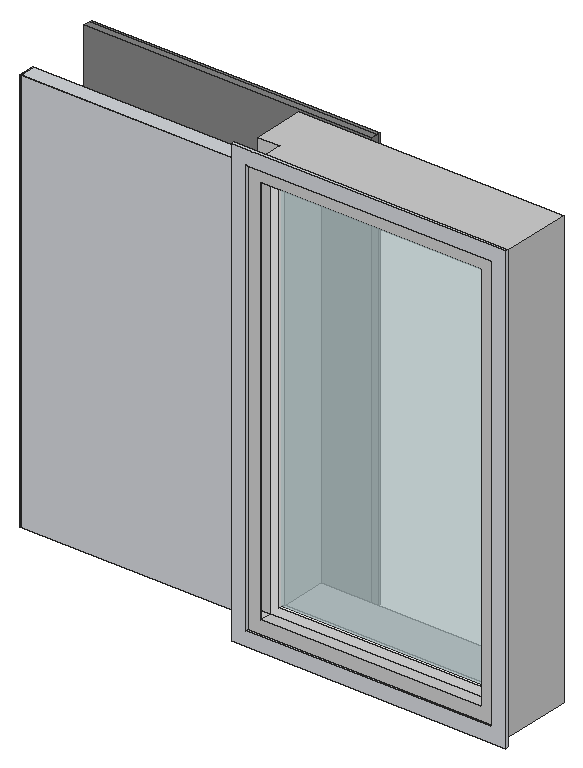
Revit family "dirati_mosdi_alum7000_nigrar_kis_85_140_090123_B", category Windows, host Wall, Revit 2022
Family settings
  Host = Wall
  Always vertical = Yes
  Cut with Voids When Loaded = No
  Shared = No
  Room Calculation Point = No
Parameters (values of type "חלון מרחב מוגן")
  פתיחה = Width actual  # 800 mm
  עובי פלטה 32 מ"מ [instance] = yes
  עובי פלטה 24 מ"מ [instance] = yes
  עובי פלטה 18 מ"מ [instance] = yes
  חומר = Default
  הראה הערה = yes
  גובה = 1200 mm
  rohav klali = Width actual + 17 mm  # 817 mm
  Width actual = if(Width < 800 mm, 800 mm, (if(Width > 850 mm, 850 mm, Width)))  # 800 mm
  High actual = if(Height < 1100 mm, 1100 mm, (if(Height > 1400 mm, 1400 mm, Height)))  # 1400 mm
  Height = 1400 mm
  Define Thermal Properties by = Schematic Type
  Default Sill Height = 1080 mm
  Wall Closure = By host
  Width = 800 mm
  Created by = "ארפל אלומאיר בע\"מ"
  Assembly Code = ""
  Analytic Construction = "<None>"
Reference planes
  plane 1: y = 29
  plane 2 "Center (Left/Right)": x = 25
  plane 3 "Left": x = -400
  plane 4 "Sill": z = 1000
  plane 5 "Exterior": y = 212.5
  plane 6 "Interior": y = -212.5
  plane 7: y = -31
  plane 8: z = 1750
  plane 9: x = -1217
  plane 10: z = 2400
  plane 11 "Right": x = 450
Forms (mm)
  Extrusion 1, void
    sketch origin (0, 0, 0) x (1, 0, 0) y (0, 1, 0)
      loop
        line (-400, 29) -> (-400, -212.5) -> (450, -212.5) -> (450, 212.5) -> (-400, 212.5) -> (-400, 29)
    from 1000 to 2400
  Sweep 2, solid, material "Default 2"
    path origin (0, -212.5, 0) x (1, 0, 0) y (0, 0, 1)
      loop
        line (-400, 2400) -> (-400, 1000) -> (450, 1000) -> (450, 2400) -> (-400, 2400)
    profile origin (25, -212.5, 2400) x (0, 0, 1) y (0, -1, 0)
      loop
        line (0, 0) -> (-70.326, 0) -> (-70.326, -241.5) -> (0, -241.5) -> (0, 0)
  Extrusion 3, void
    sketch origin (0, 0, 0) x (1, 0, 0) y (0, 1, 0)
      loop
        line (-400, 132.5) -> (-1217, 132.5) -> (-1217, 29) -> (-400, 29) -> (-400, 132.5)
    from 1045 to 2400
  Extrusion 4, solid, material "Iron", visible <- "עובי פלטה 24 מ"מ"
    sketch origin (0, 33, 0) x (1, 0, 0) y (0, 1, 0)
      loop
        line (-1100, 30) -> (-1100, 6) -> (-175, 6) -> (-175, 30) -> (-1100, 30)
    from 1045 to 2400
  Sweep 5, solid
    path origin (0, -212.5, 0) x (1, 0, 0) y (0, 0, 1)
      loop
        line (-400, 2400) -> (-400, 1000) -> (450, 1000) -> (450, 2400) -> (-400, 2400)
    profile origin (25, -212.5, 2400) x (0, 0, 1) y (0, -1, 0)
      loop
        line (15, 0) -> (15, 10) -> (-30, 10) -> (-30, 0) -> (15, 0)
  Extrusion 6, solid
    sketch origin (0, -12.5, 0) x (1, 0, 0) y (0, 1, 0)
      loop
        line (-1120, -175) -> (-1120, -125) -> (-1121.5, -125) -> (-1121.5, -176.5) -> (-400, -176.5) -> (-400, -175) -> (-1120, -175)
    from 1050 to 2350
  Extrusion 7, solid
    sketch origin (0, -12.5, 0) x (1, 0, 0) y (0, 1, 0)
      loop
        line (-1120, -175) -> (-400, -175) -> (-400, -125) -> (-1120, -125) -> (-1120, -175)
    from 2348.5 to 2350
  Extrusion 8, solid
    sketch origin (0, -12.5, 0) x (1, 0, 0) y (0, 1, 0)
      loop
        line (-1120, -175) -> (-400, -175) -> (-400, -125) -> (-1120, -125) -> (-1120, -175)
    from 1050 to 1051.5
  Extrusion 9, solid, not visible
    sketch origin (0, -20, 0) x (1, 0, 0) y (0, 1, 0)
      loop
        arc (-1406, -200) -> (-1415.899, -195.899) -> (-1420, -186) r 14
        line (-1420, -186) -> (-1420, -150) -> (-1421.5, -150) -> (-1421.5, -186)
        arc (-1421.5, -186) -> (-1416.96, -196.96) -> (-1406, -201.5) r 15.5
        line (-1406, -201.5) -> (-500, -201.5) -> (-500, -200) -> (-1406, -200)
    from 1050 to 1950
  Extrusion 10, solid, not visible
    sketch origin (0, -20, 0) x (1, 0, 0) y (0, 1, 0)
      loop
        arc (-1420, -186) -> (-1415.899, -195.899) -> (-1406, -200) r 14
        line (-1406, -200) -> (-500, -200) -> (-500, -150) -> (-1420, -150) -> (-1420, -186)
    from 1050 to 1051.5
  Extrusion 11, solid, not visible
    sketch origin (0, -20, 0) x (1, 0, 0) y (0, 1, 0)
      loop
        arc (-1420, -186) -> (-1415.899, -195.899) -> (-1406, -200) r 14
        line (-1406, -200) -> (-500, -200) -> (-500, -150) -> (-1420, -150) -> (-1420, -186)
    from 1948.5 to 1950
  Extrusion 12, void
    sketch origin (0, -179, 0) x (1, 0, 0) y (0, 1, 0)
      loop
        line (-329.674, 41.5) -> (-1217, 41.5) -> (-1217, -31.5) -> (-329.674, -31.5) -> (-329.674, 41.5)
    from 1045 to 2400
  Sweep 13, solid, material "Aluminium", not visible
    path origin (0, -142.25, 0) x (1, 0, 0) y (0, 0, 1)
      loop
        line (450, 1950) -> (-450, 1950) -> (-450, 1050) -> (450, 1050) -> (450, 1950)
    profile origin (0, -142.25, 1950) x (0, 0, -1) y (0, -1, 0)
      loop
        line (25, 33) -> (25, 45.75) -> (0, 45.75) -> (0, 20.25) -> (25, 20.25) -> (25, 33)
  Extrusion 14, solid, material "Glass", not visible
    sketch origin (0, -81.75, 0) x (1, 0, 0) y (0, 1, 0)
      loop
        line (425, -88.5) -> (-425, -88.5) -> (-425, -98.5) -> (425, -98.5) -> (425, -88.5)
    from 1075 to 1925
  Extrusion 15, solid, material "Iron", visible <- "עובי פלטה 32 מ"מ"
    sketch origin (0, 33, 0) x (1, 0, 0) y (0, 1, 0)
      loop
        line (-1100, 38) -> (-1100, 6) -> (-175, 6) -> (-175, 38) -> (-1100, 38)
    from 1045 to 2400
  Extrusion 16, solid, material "Glass"
    sketch origin (-425, -208.75, 0) x (1, 0, 0) y (0, 0, 1)
      loop
        line (120.326, 1095.326) -> (793.087, 1095.326) -> (793.087, 2329.674) -> (120.326, 2329.674) -> (120.326, 1095.326)
    from -47.75 to -48.812
  Extrusion 17, solid, material "Aluminium"
    sketch origin (-425, -161, 0) x (1, 0, 0) y (0, 0, 1)
      loop
        line (95.326, 1070.326) -> (804.674, 1070.326) -> (804.674, 2329.674) -> (95.326, 2329.674) -> (95.326, 1070.326)
      loop
        line (793.087, 1095.326) -> (793.087, 2304.674) -> (120.326, 2304.674) -> (120.326, 1095.326) -> (793.087, 1095.326)
    from 9.733 to -10.043
Cuts and joins
  Extrusion 12 cuts Extrusion 4
  Extrusion 12 cuts Sweep 2
Lines and regions (mm)
  symbolic lines
    curve 1: line (329.674, -212.5, 0) -> (304.674, -212.5, 0)
Text (mm)
  text "EXTERIOR" at (-1963.203, 1332.353, 0), in view "Ref. Level"
  text "INTERIOR" at (-1981.466, -818.386, 0), in view "Ref. Level"
  text "Exterior" at (0, 923.751, 2943.296), in view "Right"
  text "Exterior" at (0, 1040.484, 2685.409), in view "Left"
  text "Tovna" at (-1939.058, 1289.075, 0), in view "Ref. Level"
  text "Tovna" at (884.093, -510.143, 0), in view "Ref. Level"
Dimensions and locks
  plane 3 "Left" to plane 2 "Center (Left/Right)" to plane 11 "Right" = 425 mm, 425 mm
  plane 4 "Sill" to level = 1000 mm
  locked: plane 5 "Exterior" to host wall
  locked: plane 6 "Interior" to host wall
  plane 4 "Sill" to plane 8 = 750 mm
  "rohav klali": plane 9 to plane 3 "Left"
  plane 10 to plane 4 "Sill" = 1400 mm
  Extrusion 4 sketch curve to Extrusion 4 sketch curve = 24 mm
  plane 1 to plane 5 "Exterior" = 183.5 mm
  Extrusion 4 to Extrusion 4 = 24 mm
  locked: Extrusion 7 to Extrusion 7 at 1.5  (x2)
  locked: Extrusion 8 to Extrusion 8 at 1.5
  Extrusion 7 to Extrusion 8 = 720 mm
  Extrusion 15 sketch curve to Extrusion 15 sketch curve = 32 mm
  locked: plane 9 to Extrusion 6 at 95.5
  locked: plane 9 to Extrusion 6 at 97
  locked: Extrusion 6 to Extrusion 6 at 1.5
  locked: plane 10 to Extrusion 7 at 50
  Extrusion 16 to Extrusion 17 sketch curve = 25 mm
  plane 3 "Left" to plane 11 "Right" = 850 mm
  plane 4 "Sill" to plane 10 = 1400 mm
  aligned and locked: plane 1 to Sweep 2
  aligned and locked: plane 9 to Extrusion 3
  aligned and locked: Sweep 2 to Sweep 5
  aligned and locked: plane 10 to Sweep 2
  aligned and locked: plane 10 to Extrusion 4
  aligned and locked: Extrusion 1 to Sweep 2
  aligned and locked: Sweep 2 to Extrusion 3
  aligned and locked: plane 3 "Left" to Extrusion 6
  aligned and locked: Extrusion 6 to Extrusion 7
  aligned and locked: host wall to Extrusion 8
  aligned and locked: Extrusion 12 sketch curve to host wall
  aligned and locked: plane 10 to Extrusion 12
  aligned and locked: Extrusion 8 to Extrusion 6  (x2)
  aligned and locked: Extrusion 7 to Extrusion 6
  aligned and locked: Extrusion 7 sketch curve to Extrusion 8
  aligned and locked: plane 10 to Extrusion 15
  aligned and locked: Extrusion 16 to cut or joined group of Sweep 2, Extrusion 12
Automatic sketch dimensions
  Extrusion 10 sketch curve to Extrusion 10 sketch curve = 14 mm
  Extrusion 10 sketch curve to Extrusion 10 sketch curve = 906 mm
  Extrusion 10 sketch curve to Extrusion 10 sketch curve = 50 mm
  Sweep 13 sketch curve to profile plane = 0 mm
  Sweep 13 sketch curve to profile plane = 25 mm
  profile plane to Sweep 13 sketch curve = 20.25 mm
  Sweep 13 sketch curve to Sweep 13 sketch curve = 12.75 mm  (x2)
  Extrusion 14 sketch curve to Extrusion 14 sketch curve = 10 mm
  Sweep 13 sketch curve to Sweep 13 sketch curve = 900 mm  (x2)
  Extrusion 14 sketch curve to Extrusion 14 sketch curve = 850 mm
  Extrusion 9 sketch curve to Extrusion 9 sketch curve = 0 mm  (x4)
  Extrusion 9 sketch curve to Extrusion 9 sketch curve = 1.5 mm
  Extrusion 9 sketch curve to Extrusion 9 sketch curve = 14 mm
  Extrusion 9 sketch curve to Extrusion 9 sketch curve = 906 mm
  Extrusion 9 sketch curve to Extrusion 9 sketch curve = 36 mm
  plane 1 to Extrusion 1 sketch curve = 0 mm
  Extrusion 1 sketch curve to plane 3 "Left" = 0 mm
  Extrusion 1 sketch curve to host wall = 0 mm
  Extrusion 1 sketch curve to plane 11 "Right" = 0 mm
  host wall to Extrusion 1 sketch curve = 0 mm
  plane 3 "Left" to Sweep 2 sketch curve = 0 mm
  Sweep 2 sketch curve to plane 4 "Sill" = 0 mm
  Sweep 2 sketch curve to plane 10 = 0 mm
  plane 11 "Right" to Sweep 2 sketch curve = 0 mm
  Sweep 2 sketch curve to plane 6 "Interior" = 0 mm
  profile plane to Sweep 2 sketch curve = 0 mm
  Sweep 2 sketch curve to Sweep 2 sketch curve = 70.326 mm
  Sweep 2 sketch curve to Sweep 2 sketch curve = 241.5 mm
  Extrusion 3 sketch curve to plane 9 = 0 mm
  plane 1 to Extrusion 3 sketch curve = 0 mm
  Extrusion 3 sketch curve to plane 3 "Left" = 0 mm
  Extrusion 3 sketch curve to host wall = 80 mm
  Extrusion 4 sketch curve to plane 1 = 10 mm
  Extrusion 4 sketch curve to plane 9 = 117 mm
  Extrusion 4 sketch curve to plane 2 "Center (Left/Right)" = 200 mm
  plane 3 "Left" to Sweep 5 sketch curve = 0 mm
  Sweep 5 sketch curve to plane 4 "Sill" = 0 mm
  plane 11 "Right" to Sweep 5 sketch curve = 0 mm
  Sweep 5 sketch curve to plane 10 = 0 mm
  Sweep 5 sketch curve to plane 6 "Interior" = 0 mm
  plane 6 "Interior" to Sweep 5 sketch curve = 10 mm
  profile plane to Sweep 5 sketch curve = 30 mm
  Sweep 5 sketch curve to profile plane = 15 mm
  Extrusion 6 sketch curve to plane 3 "Left" = 0 mm
  Extrusion 6 sketch curve to host wall = 25 mm
  Extrusion 6 sketch curve to plane 9 = 97 mm
  Extrusion 6 sketch curve to Extrusion 6 sketch curve = 1.5 mm  (x2)
  Extrusion 6 sketch curve to Extrusion 6 sketch curve = 50 mm
  Extrusion 7 sketch curve to plane 3 "Left" = 0 mm
  Extrusion 7 sketch curve to host wall = 25 mm
  Extrusion 7 sketch curve to plane 9 = 97 mm
  Extrusion 8 sketch curve to plane 3 "Left" = 0 mm
  Extrusion 8 sketch curve to host wall = 25 mm
  Extrusion 8 sketch curve to plane 9 = 97 mm
  Extrusion 8 sketch curve to Extrusion 8 sketch curve = 50 mm
  Extrusion 12 sketch curve to plane 9 = 0 mm
  Extrusion 12 sketch curve to host wall = 2 mm
  Extrusion 12 sketch curve to plane 3 "Left" = 70.326 mm
  Extrusion 15 sketch curve to plane 1 = 10 mm
  Extrusion 15 sketch curve to plane 9 = 117 mm
  Extrusion 15 sketch curve to plane 2 "Center (Left/Right)" = 200 mm
  Extrusion 16 sketch curve to plane 3 "Left" = 95.326 mm
  Extrusion 16 sketch curve to plane 10 = 70.326 mm
  plane 11 "Right" to Extrusion 16 sketch curve = 81.913 mm
  Extrusion 16 sketch curve to plane 4 "Sill" = 95.326 mm
  Extrusion 17 sketch curve to Extrusion 16 = 0 mm  (x2)
  Extrusion 16 to Extrusion 17 sketch curve = 0 mm  (x2)
  Extrusion 16 to Extrusion 17 sketch curve = 25 mm  (x2)
  Extrusion 17 sketch curve to Extrusion 17 sketch curve = 11.586 mm
  host wall to curve 1 = 0 mm
  plane 11 "Right" to curve 1 = 145.326 mm
  curve 1 to curve 1 = 25 mm
